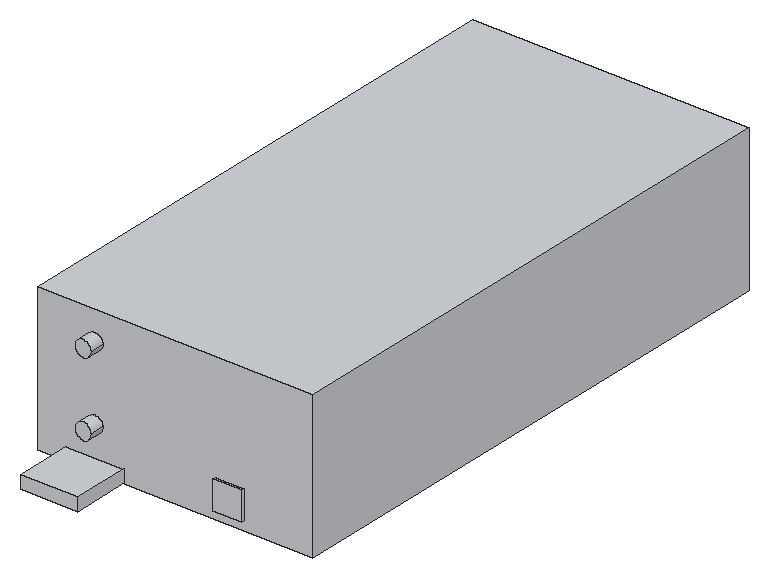
Revit family "Condicionador de Ar - Sistema Split - Horizontal", category Equipamento mecânico, Revit 2019
Family settings
  Cota do conector redondo = Usar raio
  Tipo de parte = Normal
  ID de item do Seek = Air Handling Unit - Split System - Horizontal-0000-CAN-ENU
  Com base no plano de trabalho = Não
  Sempre na vertical = Sim
  Corte com vazios quando carregada = Não
  Compartilhado = Não
  Ponto de cálculo do ambiente = Não
Parameters (values of type "Padrão")
  Largura = 480 mm
  Watts = 0 W
  Voltagem = 230 V
  Corrente nominal = 0.0 A
  Largura do duto de entrada = 925 mm
  Altura do duto de entrada = 229 mm
  Classificação de carga = Refrigeração
  Fluxo de ar de suprimento secundário [instance] = 361.0 L/s
  Fluxo de ar principal de suprimento [instance] = 361.0 L/s
  Número de pólos = 1
  Comprimento = 950 mm
  Altura = 254 mm
  Largura do duto de descarga = 925 mm
  Altura do duto de descarga = 229 mm
  Capacidade de refrigeração = 34400 Btu/h
  Raio DX = 14 mm
  Diâmetro DX = Raio DX * 2  # 28 mm
  Raio da condensação = 11 mm
  Diâmetro da condensação = Raio da condensação * 2  # 22 mm
  Assembly Code = ""
  Carga aparente = 516 VA
  Queda de pressão do ar [instance] = 124.0 Pa
  Material do ar condicionado = none
Reference planes
  plane 1 "Parte frontal": y = 0
  plane 2: z = 0
  plane 3 "Esquerda": x = -20
  plane 4 "Parte posterior": y = 950
  plane 5: z = 254
  plane 6: z = 40.447
  plane 7: x = 315.5
  plane 8 "Centro (Frente/Trás)": y = 475
  plane 9 "Direita": x = 460
  plane 10 "Topo da elétrica": z = 65.447
  plane 11 "Parte inferior da elétrica": z = 15.447
  plane 12: x = 340.5
  plane 13: x = 290.5
  plane 14: x = 30
  plane 15: x = 130
  plane 16: x = 80
  plane 17 "Topo do painel de gotejamento": z = 22
  plane 18 "Frente do painel de gotejamento": y = -100
  plane 19 "Parte inferior do DX": z = 75
  plane 20 "Topo DX": z = 204
  plane 21: z = 127
  plane 22 "Centro (Esquerda/Direita)": x = 220
Forms (mm)
  Extrusion 1, solid, material <- "Material do ar condicionado"
    sketch origin (0, 0, 0) x (1, 0, 0) y (0, 1, 0)
      loop
        line (-20, 950) -> (-20, 0) -> (460, 0) -> (460, 950) -> (-20, 950)
    from 0 to 254
  Extrusion 2, solid, material <- "Material do ar condicionado"
    sketch origin (0, 0, 0) x (1, 0, 0) y (0, 0, 1)
      loop
        line (290.5, 65.447) -> (290.5, 15.447) -> (340.5, 15.447) -> (340.5, 65.447) -> (290.5, 65.447)
    from 0 to 5
  Extrusion 3, solid, material <- "Material do ar condicionado"
    sketch origin (0, 0, 0) x (1, 0, 0) y (0, 1, 0)
      loop
        line (30, 0) -> (30, -100) -> (130, -100) -> (130, 0) -> (30, 0)
    from 0 to 22
  Extrusion 4, solid, material <- "Material do ar condicionado"
    sketch origin (0, 0, 0) x (1, 0, 0) y (0, 0, 1)
      loop
        circle (80, 75) r 14
      loop
        circle (80, 204) r 14
    from 0 to 25
Dimensions and locks
  "Comprimento": plane 1 "Parte frontal" to plane 4 "Parte posterior"
  plane 6 to level = 40.447 mm
  equal spacing: plane 4 "Parte posterior", plane 8 "Centro (Frente/Trás)", plane 1 "Parte frontal"
  locked: plane 13 to plane 12 at 50
  locked: plane 10 "Topo da elétrica" to plane 11 "Parte inferior da elétrica" at 50
  equal spacing: plane 10 "Topo da elétrica", plane 6, plane 11 "Parte inferior da elétrica"
  equal spacing: plane 12, plane 7, plane 13
  equal spacing: plane 14, plane 16, plane 15, locked at 50 each
  locked: plane 14 to plane 15 at 100
  plane 18 "Frente do painel de gotejamento" to plane 1 "Parte frontal" = 100 mm
  "Diâmetro da condensação": plane 17 "Topo do painel de gotejamento" to plane 2
  locked: plane 16 to plane 3 "Esquerda" at 100
  equal spacing: plane 5, plane 21, plane 2
  "Altura": plane 5 to plane 2
  locked: plane 5 to plane 20 "Topo DX" at 50
  locked: plane 19 "Parte inferior do DX" to plane 2 at 75
  equal spacing: plane 3 "Esquerda", plane 22 "Centro (Esquerda/Direita)", plane 9 "Direita"
  "Largura": plane 3 "Esquerda" to plane 9 "Direita"
  "Raio DX": radius of Extrusion 4 sketch curve  (x2)
  aligned and locked: plane 3 "Esquerda" to Extrusion 1 sketch curve
  aligned and locked: Extrusion 1 sketch curve to plane 4 "Parte posterior"
  aligned and locked: plane 1 "Parte frontal" to Extrusion 1 sketch curve
  aligned and locked: Extrusion 1 to plane 5  (x2)
  aligned and locked: plane 9 "Direita" to Extrusion 1
  aligned and locked: Extrusion 2 to plane 11 "Parte inferior da elétrica"
  aligned and locked: plane 10 "Topo da elétrica" to Extrusion 2
  aligned and locked: plane 13 to Extrusion 2
  aligned and locked: plane 12 to Extrusion 2
  aligned and locked: plane 17 "Topo do painel de gotejamento" to Extrusion 3
  aligned and locked: Extrusion 3 to plane 14
  aligned and locked: plane 15 to Extrusion 3  (x2)
  aligned and locked: plane 14 to Extrusion 3
  aligned and locked: plane 2 to Extrusion 3
  aligned and locked: Extrusion 3 to plane 17 "Topo do painel de gotejamento"
  aligned and locked: Extrusion 3 to plane 1 "Parte frontal"  (x2)
  aligned and locked: plane 18 "Frente do painel de gotejamento" to Extrusion 3
  aligned and locked: plane 20 "Topo DX" to Extrusion 4 sketch curve
  aligned and locked: plane 16 to Extrusion 4 sketch curve  (x2)
  aligned and locked: plane 19 "Parte inferior do DX" to Extrusion 4 sketch curve
Automatic sketch dimensions
  plane 7 to Extrusion 2 sketch curve = 25 mm
  Extrusion 2 sketch curve to plane 6 = 25 mm
  Extrusion 2 sketch curve to Extrusion 2 sketch curve = 50 mm
  Extrusion 2 sketch curve to plane 7 = 25 mm
  Extrusion 1 sketch curve to plane 9 "Direita" = 0 mm
  plane 3 "Esquerda" to Extrusion 3 sketch curve = 50 mm
  plane 15 to Extrusion 3 sketch curve = 0 mm
  plane 1 "Parte frontal" to Extrusion 3 sketch curve = 100 mm
  plane 1 "Parte frontal" to Extrusion 3 sketch curve = 0 mm
Connectors
  piping at (125, -100, 11), diameter 22, driven by "Raio da condensação"
    settings: on Extrusion 3, index 7, connector inside diameter 22 mm, connector length 0 mm, flow factor 0, pipe flow 0.0 L/s, pressure drop 0.0 Pa, fitting loss kfactor 0, connector angle 0.00°, fixture units 0, engagement length 0 mm, angle of deflection 0.00°, flow configuration 1, flow direction 2, fitting loss method 0, system type 16, joint type 0, gender type 0, connector reference index -1, connector utility 0, adjustable connector yes, is connector primary yes, connector description "Dreno de condensação 2"
  piping at (75, -100, 11), diameter 22, driven by "Raio da condensação"
    settings: on Extrusion 3, index 8, connector inside diameter 22 mm, connector length 0 mm, flow factor 0, pipe flow 0.0 L/s, pressure drop 0.0 Pa, fitting loss kfactor 0, connector angle 0.00°, fixture units 0, engagement length 0 mm, angle of deflection 0.00°, flow configuration 1, flow direction 2, fitting loss method 0, system type 16, joint type 0, gender type 0, connector reference index -1, connector utility 0, adjustable connector no, is connector primary no, connector description "Dreno de condensação 1"
  piping at (80, -25, 75), diameter 28, driven by "Raio DX"
    settings: on Extrusion 4, index 9, connector inside diameter 28 mm, connector length 0 mm, flow factor 0, pipe flow 0.0 L/s, pressure drop 0.0 Pa, fitting loss kfactor 0, connector angle 0.00°, fixture units 0, engagement length 0 mm, angle of deflection 0.00°, flow configuration 1, flow direction 1, fitting loss method 0, system type 22, joint type 0, gender type 0, connector reference index 10, connector utility 0, adjustable connector no, is connector primary no, connector description "Entrada do refrigerante"
  piping at (80, -25, 204), diameter 28, driven by "Raio DX"
    settings: on Extrusion 4, index 10, connector inside diameter 28 mm, connector length 0 mm, flow factor 0, pipe flow 0.0 L/s, pressure drop 0.0 Pa, fitting loss kfactor 0, connector angle 0.00°, fixture units 0, engagement length 0 mm, angle of deflection 0.00°, flow configuration 1, flow direction 2, fitting loss method 0, system type 22, joint type 0, gender type 0, connector reference index 9, connector utility 0, adjustable connector no, is connector primary no, connector description "Saída do refrigerante"
  hvac at (-20, 475, 127), driven by "Queda de pressão do ar", driven by "Fluxo de ar de suprimento secundário", driven by "Altura do duto de descarga", driven by "Largura do duto de descarga"
    settings: on Extrusion 1, index 11, duct flow 361.0 L/s, flow factor 0, pres drop 124.0 Pa, loss coef 0, conn angle 0.00°, conn width 925 mm, conn height 229 mm, conn diameter 609.6 mm, duct sys type 1, conn prof type 1, flow config 0, flow direction 2, loss method 4, conn ref index 12, conn util no, is conn primary yes, conn desc "Saída de suprimento de ar"
  hvac at (460, 475, 127), driven by "Fluxo de ar principal de suprimento", driven by "Altura do duto de entrada", driven by "Largura do duto de entrada"
    settings: on Extrusion 1, index 12, duct flow 361.0 L/s, flow factor 0, pres drop 0.0 Pa, loss coef 0, conn angle 0.00°, conn width 925 mm, conn height 229 mm, conn diameter 609.6 mm, duct sys type 2, conn prof type 1, flow config 0, flow direction 1, loss method 0, conn ref index 11, conn util no, is conn primary no, conn desc "Entrada de ar fresco"
  electrical at (315.5, -5, 40.447), driven by "Número de pólos", driven by "Classificação de carga", driven by "Voltagem", driven by "Carga aparente"
    settings: on Extrusion 2, index 13, voltage 230 V, apparent load 516 VA, apparent load phase1 0 VA, apparent load phase2 0 VA, apparent load phase3 0 VA, power factor 0.8, load classification "Refrigeração", number of poles 1, system type 30, power factor state 1, is connector primary yes, connector utility no, sub classification motor no, connector description "Potência"
Types in the file's own list only (5): name | Largura | Watts | Corrente nominal | Comprimento | Altura | Capacidade de refrigeração
  12000 btu/h | 625 mm | 128 W | 0.6 A | 946 mm | 300 mm | 12000 Btu/h
  18000 btu/h | 625 mm | 178 W | 0.8 A | 946 mm | 300 mm | 18000 Btu/h
  24000 btu/h | 625 mm | 312 W | 1.4 A | 946 mm | 300 mm | 24000 Btu/h
  30000 btu/h | 625 mm | 411 W | 1.9 A | 1098 mm | 300 mm | 30000 Btu/h
  36000 btu/h | 625 mm | 455 W | 2.1 A | 1251 mm | 300 mm | 36000 Btu/h
